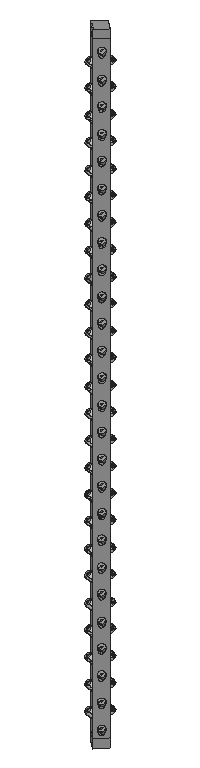
Revit family "Vertical Farm C", category Columns, Revit 2024 (continued)
Automatic sketch dimensions
  Extrusion 93 sketch curve to Extrusion 93 sketch curve = 0' - 0"  (x6)
  Extrusion 94 sketch curve to Extrusion 94 sketch curve = 0' - 0"  (x6)
  Extrusion 95 sketch curve to Extrusion 95 sketch curve = 0' - 0"  (x6)
  Extrusion 96 sketch curve to Extrusion 96 sketch curve = 0' - 0"  (x6)
  Extrusion 97 sketch curve to Extrusion 97 sketch curve = 0' - 0"  (x6)
  Extrusion 98 sketch curve to Extrusion 98 sketch curve = 0' - 0"  (x6)
  Extrusion 99 sketch curve to Extrusion 99 sketch curve = 0' - 0"  (x6)
  Extrusion 100 sketch curve to Extrusion 100 sketch curve = 0' - 0"  (x6)
  Extrusion 101 sketch curve to Extrusion 101 sketch curve = 0' - 0"  (x6)
  Extrusion 102 sketch curve to Extrusion 102 sketch curve = 0' - 0"  (x6)
  Extrusion 103 sketch curve to Extrusion 103 sketch curve = 0' - 0"  (x6)
  Extrusion 104 sketch curve to Extrusion 104 sketch curve = 0' - 0"  (x6)
  Extrusion 105 sketch curve to Extrusion 105 sketch curve = 0' - 0"  (x6)
  Extrusion 106 sketch curve to Extrusion 106 sketch curve = 0' - 0"  (x6)
  Extrusion 107 sketch curve to Extrusion 107 sketch curve = 0' - 0"  (x6)
  Extrusion 108 sketch curve to Extrusion 108 sketch curve = 0' - 0"  (x6)
  Extrusion 109 sketch curve to Extrusion 109 sketch curve = 0' - 0"  (x6)
  Extrusion 110 sketch curve to Extrusion 110 sketch curve = 0' - 0"  (x6)
  Extrusion 111 sketch curve to Extrusion 111 sketch curve = 0' - 0"  (x6)
  Extrusion 112 sketch curve to Extrusion 112 sketch curve = 0' - 0"  (x6)
  Extrusion 113 sketch curve to Extrusion 113 sketch curve = 0' - 0"  (x6)
  Extrusion 114 sketch curve to Extrusion 114 sketch curve = 0' - 0"  (x6)
  Extrusion 115 sketch curve to Extrusion 115 sketch curve = 0' - 0"  (x6)
  Extrusion 116 sketch curve to Extrusion 116 sketch curve = 0' - 0"  (x6)
  Extrusion 117 sketch curve to Extrusion 117 sketch curve = 0' - 0"  (x6)
  Extrusion 118 sketch curve to Extrusion 118 sketch curve = 0' - 0"  (x6)
  Extrusion 119 sketch curve to Extrusion 119 sketch curve = 0' - 0"  (x6)
  Extrusion 120 sketch curve to Extrusion 120 sketch curve = 0' - 0"  (x6)
  Extrusion 121 sketch curve to Extrusion 121 sketch curve = 0' - 0"  (x6)
  Extrusion 122 sketch curve to Extrusion 122 sketch curve = 0' - 0"  (x6)
  Extrusion 123 sketch curve to Extrusion 123 sketch curve = 0' - 0"  (x6)
  Extrusion 124 sketch curve to Extrusion 124 sketch curve = 0' - 0"  (x6)
  Extrusion 125 sketch curve to Extrusion 125 sketch curve = 0' - 0"  (x6)
  Extrusion 126 sketch curve to Extrusion 126 sketch curve = 0' - 0"  (x6)
  Extrusion 127 sketch curve to Extrusion 127 sketch curve = 0' - 0"  (x6)
  Extrusion 128 sketch curve to Extrusion 128 sketch curve = 0' - 0"  (x6)
  Extrusion 129 sketch curve to Extrusion 129 sketch curve = 0' - 0"  (x6)
  Extrusion 130 sketch curve to Extrusion 130 sketch curve = 0' - 0"  (x6)
  Extrusion 131 sketch curve to Extrusion 131 sketch curve = 0' - 0"  (x6)
  Extrusion 132 sketch curve to Extrusion 132 sketch curve = 0' - 0"  (x6)
  Extrusion 133 sketch curve to Extrusion 133 sketch curve = 0' - 0"  (x6)
  Extrusion 134 sketch curve to Extrusion 134 sketch curve = 0' - 0"  (x6)
  Extrusion 135 sketch curve to Extrusion 135 sketch curve = 0' - 0"  (x6)
  Extrusion 136 sketch curve to Extrusion 136 sketch curve = 0' - 0"  (x6)
  Extrusion 137 sketch curve to Extrusion 137 sketch curve = 0' - 0"  (x6)
  Extrusion 138 sketch curve to Extrusion 138 sketch curve = 0' - 0"  (x6)
  Extrusion 139 sketch curve to Extrusion 139 sketch curve = 0' - 0"  (x6)
  Extrusion 140 sketch curve to Extrusion 140 sketch curve = 0' - 0"  (x6)
  Extrusion 141 sketch curve to Extrusion 141 sketch curve = 0' - 0"  (x6)
  Extrusion 142 sketch curve to Extrusion 142 sketch curve = 0' - 0"  (x6)
  Extrusion 143 sketch curve to Extrusion 143 sketch curve = 0' - 0"  (x6)
  Extrusion 144 sketch curve to Extrusion 144 sketch curve = 0' - 0"  (x6)
  Extrusion 145 sketch curve to Extrusion 145 sketch curve = 0' - 0"  (x6)
  Extrusion 146 sketch curve to Extrusion 146 sketch curve = 0' - 0"  (x6)
  Extrusion 147 sketch curve to Extrusion 147 sketch curve = 0' - 0"  (x6)
  Extrusion 148 sketch curve to Extrusion 148 sketch curve = 0' - 0"  (x6)
  Extrusion 149 sketch curve to Extrusion 149 sketch curve = 0' - 0"  (x6)
  Extrusion 150 sketch curve to Extrusion 150 sketch curve = 0' - 0"  (x6)
  Extrusion 151 sketch curve to Extrusion 151 sketch curve = 0' - 0"  (x6)
  Extrusion 152 sketch curve to Extrusion 152 sketch curve = 0' - 0"  (x6)
  Extrusion 153 sketch curve to Extrusion 153 sketch curve = 0' - 0"  (x6)
  Extrusion 154 sketch curve to Extrusion 154 sketch curve = 0' - 0"  (x6)
  Extrusion 155 sketch curve to Extrusion 155 sketch curve = 0' - 0"  (x6)
  Extrusion 156 sketch curve to Extrusion 156 sketch curve = 0' - 0"  (x6)
  Extrusion 157 sketch curve to Extrusion 157 sketch curve = 0' - 0"  (x6)
  Extrusion 158 sketch curve to Extrusion 158 sketch curve = 0' - 0"  (x6)
  Extrusion 159 sketch curve to Extrusion 159 sketch curve = 0' - 0"  (x6)
  Extrusion 160 sketch curve to Extrusion 160 sketch curve = 0' - 0"  (x6)
  Extrusion 161 sketch curve to Extrusion 161 sketch curve = 0' - 0"  (x6)
  Extrusion 162 sketch curve to Extrusion 162 sketch curve = 0' - 0"  (x6)
  Extrusion 163 sketch curve to Extrusion 163 sketch curve = 0' - 0"  (x6)
  Extrusion 164 sketch curve to Extrusion 164 sketch curve = 0' - 0"  (x6)
  Extrusion 165 sketch curve to Extrusion 165 sketch curve = 0' - 0"  (x6)
  Extrusion 166 sketch curve to Extrusion 166 sketch curve = 0' - 0"  (x6)
  Extrusion 167 sketch curve to Extrusion 167 sketch curve = 0' - 0"  (x6)
  Extrusion 168 sketch curve to Extrusion 168 sketch curve = 0' - 0"  (x6)
  Extrusion 169 sketch curve to Extrusion 169 sketch curve = 0' - 0"  (x6)
  Extrusion 170 sketch curve to Extrusion 170 sketch curve = 0' - 0"  (x6)
  Extrusion 171 sketch curve to Extrusion 171 sketch curve = 0' - 0"  (x6)
  Extrusion 172 sketch curve to Extrusion 172 sketch curve = 0' - 0"  (x6)
  Extrusion 173 sketch curve to Extrusion 173 sketch curve = 0' - 0"  (x6)
  Extrusion 174 sketch curve to Extrusion 174 sketch curve = 0' - 0"  (x6)
  Extrusion 175 sketch curve to Extrusion 175 sketch curve = 0' - 0"  (x6)
  Extrusion 176 sketch curve to Extrusion 176 sketch curve = 0' - 0"  (x6)
  Extrusion 177 sketch curve to Extrusion 177 sketch curve = 0' - 0"  (x6)
  Extrusion 178 sketch curve to Extrusion 178 sketch curve = 0' - 0"  (x6)
  Extrusion 179 sketch curve to Extrusion 179 sketch curve = 0' - 0"  (x6)
  Extrusion 180 sketch curve to Extrusion 180 sketch curve = 0' - 0"  (x6)
  Extrusion 181 sketch curve to Extrusion 181 sketch curve = 0' - 0"  (x6)
  Extrusion 182 sketch curve to Extrusion 182 sketch curve = 0' - 0"  (x6)
  Extrusion 183 sketch curve to Extrusion 183 sketch curve = 0' - 0"  (x6)
  Extrusion 184 sketch curve to Extrusion 184 sketch curve = 0' - 0"  (x6)
  Extrusion 185 sketch curve to Extrusion 185 sketch curve = 0' - 0"  (x6)
  Extrusion 186 sketch curve to Extrusion 186 sketch curve = 0' - 0"  (x6)
  Extrusion 187 sketch curve to Extrusion 187 sketch curve = 0' - 0"  (x6)
  Extrusion 188 sketch curve to Extrusion 188 sketch curve = 0' - 0"  (x6)
  Extrusion 189 sketch curve to Extrusion 189 sketch curve = 0' - 0"  (x6)
  Extrusion 190 sketch curve to Extrusion 190 sketch curve = 0' - 0"  (x6)
  Extrusion 191 sketch curve to Extrusion 191 sketch curve = 0' - 0"  (x6)
  Extrusion 192 sketch curve to Extrusion 192 sketch curve = 0' - 0"  (x6)
  Extrusion 193 sketch curve to Extrusion 193 sketch curve = 0' - 0"  (x6)
  Extrusion 194 sketch curve to Extrusion 194 sketch curve = 0' - 0"  (x6)
  Extrusion 195 sketch curve to Extrusion 195 sketch curve = 0' - 0"  (x6)
  Extrusion 196 sketch curve to Extrusion 196 sketch curve = 0' - 0"  (x6)
  Extrusion 197 sketch curve to Extrusion 197 sketch curve = 0' - 0"  (x6)
  Extrusion 198 sketch curve to Extrusion 198 sketch curve = 0' - 0"  (x6)
  Extrusion 199 sketch curve to Extrusion 199 sketch curve = 0' - 0"  (x6)
  Extrusion 200 sketch curve to Extrusion 200 sketch curve = 0' - 0"  (x6)
  Extrusion 201 sketch curve to Extrusion 201 sketch curve = 0' - 0"  (x6)
  Extrusion 202 sketch curve to Extrusion 202 sketch curve = 0' - 0"  (x6)
  Extrusion 203 sketch curve to Extrusion 203 sketch curve = 0' - 0"  (x6)
  Extrusion 204 sketch curve to Extrusion 204 sketch curve = 0' - 0"  (x6)
  Extrusion 205 sketch curve to Extrusion 205 sketch curve = 0' - 0"  (x6)
  Extrusion 206 sketch curve to Extrusion 206 sketch curve = 0' - 0"  (x6)
  Extrusion 207 sketch curve to Extrusion 207 sketch curve = 0' - 0"  (x6)
  Extrusion 208 sketch curve to Extrusion 208 sketch curve = 0' - 0"  (x6)
  Extrusion 209 sketch curve to Extrusion 209 sketch curve = 0' - 0"  (x6)
  Extrusion 210 sketch curve to Extrusion 210 sketch curve = 0' - 0"  (x6)
  Extrusion 211 sketch curve to Extrusion 211 sketch curve = 0' - 0"  (x6)
  Extrusion 212 sketch curve to Extrusion 212 sketch curve = 0' - 0"  (x6)
  Extrusion 213 sketch curve to Extrusion 213 sketch curve = 0' - 0"  (x6)
  Extrusion 214 sketch curve to Extrusion 214 sketch curve = 0' - 0"  (x6)
  Extrusion 215 sketch curve to Extrusion 215 sketch curve = 0' - 0"  (x6)
  Extrusion 216 sketch curve to Extrusion 216 sketch curve = 0' - 0"  (x6)
  Extrusion 217 sketch curve to Extrusion 217 sketch curve = 0' - 0"  (x6)
  Extrusion 218 sketch curve to Extrusion 218 sketch curve = 0' - 0"  (x6)
  Extrusion 219 sketch curve to Extrusion 219 sketch curve = 0' - 0"  (x6)
  Extrusion 220 sketch curve to Extrusion 220 sketch curve = 0' - 0"  (x6)
  Extrusion 221 sketch curve to Extrusion 221 sketch curve = 0' - 0"  (x6)
  Extrusion 222 sketch curve to Extrusion 222 sketch curve = 0' - 0"  (x6)
  Extrusion 223 sketch curve to Extrusion 223 sketch curve = 0' - 0"  (x6)
  Extrusion 224 sketch curve to Extrusion 224 sketch curve = 0' - 0"  (x6)
  Extrusion 225 sketch curve to Extrusion 225 sketch curve = 0' - 0"  (x6)
  Extrusion 226 sketch curve to Extrusion 226 sketch curve = 0' - 0"  (x6)
  Extrusion 227 sketch curve to Extrusion 227 sketch curve = 0' - 0"  (x6)
  Extrusion 228 sketch curve to Extrusion 228 sketch curve = 0' - 0"  (x6)
  Extrusion 229 sketch curve to Extrusion 229 sketch curve = 0' - 0"  (x6)
  Extrusion 230 sketch curve to Extrusion 230 sketch curve = 0' - 0"  (x6)
  Extrusion 231 sketch curve to Extrusion 231 sketch curve = 0' - 0"  (x6)
  Extrusion 232 sketch curve to Extrusion 232 sketch curve = 0' - 0"  (x6)
  Extrusion 233 sketch curve to Extrusion 233 sketch curve = 0' - 0"  (x6)
  Extrusion 234 sketch curve to Extrusion 234 sketch curve = 0' - 0"  (x6)
  Extrusion 235 sketch curve to Extrusion 235 sketch curve = 0' - 0"  (x6)
  Extrusion 236 sketch curve to Extrusion 236 sketch curve = 0' - 0"  (x6)
  Extrusion 237 sketch curve to Extrusion 237 sketch curve = 0' - 0"  (x6)
  Extrusion 238 sketch curve to Extrusion 238 sketch curve = 0' - 0"  (x6)
  Extrusion 239 sketch curve to Extrusion 239 sketch curve = 0' - 0"  (x6)
  Extrusion 240 sketch curve to Extrusion 240 sketch curve = 0' - 0"  (x6)
  Extrusion 241 sketch curve to Extrusion 241 sketch curve = 0' - 0"  (x6)
  Extrusion 242 sketch curve to Extrusion 242 sketch curve = 0' - 0"  (x6)
  Extrusion 243 sketch curve to Extrusion 243 sketch curve = 0' - 0"  (x6)
  Extrusion 244 sketch curve to Extrusion 244 sketch curve = 0' - 0"  (x6)
  Extrusion 245 sketch curve to Extrusion 245 sketch curve = 0' - 0"  (x6)
  Extrusion 246 sketch curve to Extrusion 246 sketch curve = 0' - 0"  (x6)
  Extrusion 247 sketch curve to Extrusion 247 sketch curve = 0' - 0"  (x6)
  Extrusion 248 sketch curve to Extrusion 248 sketch curve = 0' - 0"  (x6)
  Extrusion 249 sketch curve to Extrusion 249 sketch curve = 0' - 0"  (x6)
  Extrusion 250 sketch curve to Extrusion 250 sketch curve = 0' - 0"  (x6)
  Extrusion 251 sketch curve to Extrusion 251 sketch curve = 0' - 0"  (x6)
  Extrusion 252 sketch curve to Extrusion 252 sketch curve = 0' - 0"  (x6)
  Extrusion 253 sketch curve to Extrusion 253 sketch curve = 0' - 0"  (x6)
  Extrusion 254 sketch curve to Extrusion 254 sketch curve = 0' - 0"  (x6)
  Extrusion 255 sketch curve to Extrusion 255 sketch curve = 0' - 0"  (x6)
  Extrusion 256 sketch curve to Extrusion 256 sketch curve = 0' - 0"  (x6)
  Extrusion 257 sketch curve to Extrusion 257 sketch curve = 0' - 0"  (x6)
  Extrusion 258 sketch curve to Extrusion 258 sketch curve = 0' - 0"  (x6)
  Extrusion 259 sketch curve to Extrusion 259 sketch curve = 0' - 0"  (x6)
  Extrusion 260 sketch curve to Extrusion 260 sketch curve = 0' - 0"  (x6)
  Extrusion 261 sketch curve to Extrusion 261 sketch curve = 0' - 0"  (x6)
  Extrusion 262 sketch curve to Extrusion 262 sketch curve = 0' - 0"  (x6)
  Extrusion 263 sketch curve to Extrusion 263 sketch curve = 0' - 0"  (x6)
  Extrusion 264 sketch curve to Extrusion 264 sketch curve = 0' - 0"  (x6)
  Extrusion 265 sketch curve to Extrusion 265 sketch curve = 0' - 0"  (x6)
  Extrusion 266 sketch curve to Extrusion 266 sketch curve = 0' - 0"  (x6)
  Extrusion 267 sketch curve to Extrusion 267 sketch curve = 0' - 0"  (x6)
  Extrusion 268 sketch curve to Extrusion 268 sketch curve = 0' - 0"  (x6)
  Extrusion 269 sketch curve to Extrusion 269 sketch curve = 0' - 0"  (x6)
  Extrusion 270 sketch curve to Extrusion 270 sketch curve = 0' - 0"  (x6)
  Extrusion 271 sketch curve to Extrusion 271 sketch curve = 0' - 0"  (x6)
  Extrusion 272 sketch curve to Extrusion 272 sketch curve = 0' - 0"  (x6)
  Extrusion 273 sketch curve to Extrusion 273 sketch curve = 0' - 0"  (x6)
  Extrusion 274 sketch curve to Extrusion 274 sketch curve = 0' - 0"  (x6)
  Extrusion 275 sketch curve to Extrusion 275 sketch curve = 0' - 0"  (x6)
  Extrusion 276 sketch curve to Extrusion 276 sketch curve = 0' - 0"  (x6)
  Extrusion 277 sketch curve to Extrusion 277 sketch curve = 0' - 0"  (x6)
  Extrusion 278 sketch curve to Extrusion 278 sketch curve = 0' - 0"  (x6)
  Extrusion 279 sketch curve to Extrusion 279 sketch curve = 0' - 0"  (x6)
  Extrusion 280 sketch curve to Extrusion 280 sketch curve = 0' - 0"  (x6)
  Extrusion 281 sketch curve to Extrusion 281 sketch curve = 0' - 0"  (x6)
  Extrusion 282 sketch curve to Extrusion 282 sketch curve = 0' - 0"  (x6)
  Extrusion 283 sketch curve to Extrusion 283 sketch curve = 0' - 0"  (x6)
  Extrusion 284 sketch curve to Extrusion 284 sketch curve = 0' - 0"  (x6)
  Extrusion 285 sketch curve to Extrusion 285 sketch curve = 0' - 0"  (x6)
  Extrusion 286 sketch curve to Extrusion 286 sketch curve = 0' - 0"  (x6)
  Extrusion 287 sketch curve to Extrusion 287 sketch curve = 0' - 0"  (x6)
  Extrusion 288 sketch curve to Extrusion 288 sketch curve = 0' - 0"  (x6)
  Extrusion 289 sketch curve to Extrusion 289 sketch curve = 0' - 0"  (x6)
  Extrusion 290 sketch curve to Extrusion 290 sketch curve = 0' - 0"  (x6)
  Extrusion 291 sketch curve to Extrusion 291 sketch curve = 0' - 0"  (x6)
  Extrusion 292 sketch curve to Extrusion 292 sketch curve = 0' - 0"  (x6)
  Extrusion 293 sketch curve to Extrusion 293 sketch curve = 0' - 0"  (x6)
  Extrusion 294 sketch curve to Extrusion 294 sketch curve = 0' - 0"  (x6)
  Extrusion 295 sketch curve to Extrusion 295 sketch curve = 0' - 0"  (x6)
  Extrusion 296 sketch curve to Extrusion 296 sketch curve = 0' - 0"  (x6)
  Extrusion 297 sketch curve to Extrusion 297 sketch curve = 0' - 0"  (x6)
  Extrusion 298 sketch curve to Extrusion 298 sketch curve = 0' - 0"  (x6)
  Extrusion 299 sketch curve to Extrusion 299 sketch curve = 0' - 0"  (x6)
  Extrusion 300 sketch curve to Extrusion 300 sketch curve = 0' - 0"  (x6)
  Extrusion 301 sketch curve to Extrusion 301 sketch curve = 0' - 0"  (x6)
  Extrusion 302 sketch curve to Extrusion 302 sketch curve = 0' - 0"  (x6)
  Extrusion 303 sketch curve to Extrusion 303 sketch curve = 0' - 0"  (x6)
  Extrusion 304 sketch curve to Extrusion 304 sketch curve = 0' - 0"  (x6)
  Extrusion 305 sketch curve to Extrusion 305 sketch curve = 0' - 0"  (x6)
  Extrusion 306 sketch curve to Extrusion 306 sketch curve = 0' - 0"  (x6)
  Extrusion 307 sketch curve to Extrusion 307 sketch curve = 0' - 0"  (x6)
  Extrusion 308 sketch curve to Extrusion 308 sketch curve = 0' - 0"  (x6)
  Extrusion 309 sketch curve to Extrusion 309 sketch curve = 0' - 0"  (x6)
  Extrusion 310 sketch curve to Extrusion 310 sketch curve = 0' - 0"  (x6)
  Extrusion 311 sketch curve to Extrusion 311 sketch curve = 0' - 0"  (x6)
  Extrusion 312 sketch curve to Extrusion 312 sketch curve = 0' - 0"  (x6)
  Extrusion 313 sketch curve to Extrusion 313 sketch curve = 0' - 0"  (x6)
  Extrusion 314 sketch curve to Extrusion 314 sketch curve = 0' - 0"  (x6)
  Extrusion 315 sketch curve to Extrusion 315 sketch curve = 0' - 0"  (x6)
  Extrusion 316 sketch curve to Extrusion 316 sketch curve = 0' - 0"  (x6)
  Extrusion 317 sketch curve to Extrusion 317 sketch curve = 0' - 0"  (x6)
  Extrusion 318 sketch curve to Extrusion 318 sketch curve = 0' - 0"  (x6)
  Extrusion 319 sketch curve to Extrusion 319 sketch curve = 0' - 0"  (x6)
  Extrusion 320 sketch curve to Extrusion 320 sketch curve = 0' - 0"  (x6)
  Extrusion 321 sketch curve to Extrusion 321 sketch curve = 0' - 0"  (x6)
  Extrusion 322 sketch curve to Extrusion 322 sketch curve = 0' - 0"  (x6)
  Extrusion 323 sketch curve to Extrusion 323 sketch curve = 0' - 0"  (x6)
  Extrusion 324 sketch curve to Extrusion 324 sketch curve = 0' - 0"  (x6)
  Extrusion 325 sketch curve to Extrusion 325 sketch curve = 0' - 0"  (x6)
  Extrusion 326 sketch curve to Extrusion 326 sketch curve = 0' - 0"  (x6)
  Extrusion 327 sketch curve to Extrusion 327 sketch curve = 0' - 0"  (x6)
  Extrusion 328 sketch curve to Extrusion 328 sketch curve = 0' - 0"  (x6)
  Extrusion 329 sketch curve to Extrusion 329 sketch curve = 0' - 0"  (x6)
  Extrusion 330 sketch curve to Extrusion 330 sketch curve = 0' - 0"  (x6)
  Extrusion 331 sketch curve to Extrusion 331 sketch curve = 0' - 0"  (x6)
  Extrusion 332 sketch curve to Extrusion 332 sketch curve = 0' - 0"  (x6)
  Extrusion 333 sketch curve to Extrusion 333 sketch curve = 0' - 0"  (x6)
  Extrusion 334 sketch curve to Extrusion 334 sketch curve = 0' - 0"  (x6)
  Extrusion 335 sketch curve to Extrusion 335 sketch curve = 0' - 0"  (x6)
  Extrusion 336 sketch curve to Extrusion 336 sketch curve = 0' - 0"  (x6)
  Extrusion 337 sketch curve to Extrusion 337 sketch curve = 0' - 0"  (x6)
  Extrusion 338 sketch curve to Extrusion 338 sketch curve = 0' - 0"  (x6)
  Extrusion 339 sketch curve to Extrusion 339 sketch curve = 0' - 0"  (x6)
  Extrusion 340 sketch curve to Extrusion 340 sketch curve = 0' - 0"  (x6)
  Extrusion 341 sketch curve to Extrusion 341 sketch curve = 0' - 0"  (x6)
  Extrusion 342 sketch curve to Extrusion 342 sketch curve = 0' - 0"  (x6)
  Extrusion 343 sketch curve to Extrusion 343 sketch curve = 0' - 0"  (x6)
  Extrusion 344 sketch curve to Extrusion 344 sketch curve = 0' - 0"  (x6)
  Extrusion 345 sketch curve to Extrusion 345 sketch curve = 0' - 0"  (x6)
  Extrusion 346 sketch curve to Extrusion 346 sketch curve = 0' - 0"  (x6)
  Extrusion 347 sketch curve to Extrusion 347 sketch curve = 0' - 0"  (x6)
  Extrusion 348 sketch curve to Extrusion 348 sketch curve = 0' - 0"  (x6)
  Extrusion 349 sketch curve to Extrusion 349 sketch curve = 0' - 0"  (x6)
  Extrusion 350 sketch curve to Extrusion 350 sketch curve = 0' - 0"  (x6)
  Extrusion 351 sketch curve to Extrusion 351 sketch curve = 0' - 0"  (x6)
  Extrusion 352 sketch curve to Extrusion 352 sketch curve = 0' - 0"  (x6)
  Extrusion 353 sketch curve to Extrusion 353 sketch curve = 0' - 0"  (x6)
  Extrusion 354 sketch curve to Extrusion 354 sketch curve = 0' - 0"  (x6)
  Extrusion 355 sketch curve to Extrusion 355 sketch curve = 0' - 0"  (x6)
  Extrusion 356 sketch curve to Extrusion 356 sketch curve = 0' - 0"  (x6)
  Extrusion 357 sketch curve to Extrusion 357 sketch curve = 0' - 0"  (x6)
  Extrusion 358 sketch curve to Extrusion 358 sketch curve = 0' - 0"  (x6)
  Extrusion 359 sketch curve to Extrusion 359 sketch curve = 0' - 0"  (x6)
  Extrusion 360 sketch curve to Extrusion 360 sketch curve = 0' - 0"  (x6)
  Extrusion 361 sketch curve to Extrusion 361 sketch curve = 0' - 0"  (x6)
  Extrusion 362 sketch curve to Extrusion 362 sketch curve = 0' - 0"  (x6)
  Extrusion 363 sketch curve to Extrusion 363 sketch curve = 0' - 0"  (x6)
  Extrusion 364 sketch curve to Extrusion 364 sketch curve = 0' - 0"  (x6)
  Extrusion 365 sketch curve to Extrusion 365 sketch curve = 0' - 0"  (x6)
  Extrusion 366 sketch curve to Extrusion 366 sketch curve = 0' - 0"  (x6)
  Extrusion 367 sketch curve to Extrusion 368 = 0' - 0"  (x5)
  Extrusion 368 sketch curve to Extrusion 368 sketch curve = 0' - 3.53553"  (x3)
  Extrusion 369 sketch curve to Extrusion 369 sketch curve = 0' - 3.53553"  (x3)
  Extrusion 370 sketch curve to Extrusion 370 sketch curve = 0' - 0"  (x2)
  Extrusion 371 sketch curve to Extrusion 371 sketch curve = 0' - 0"  (x2)
  Extrusion 372 sketch curve to Extrusion 372 sketch curve = 0' - 0"  (x2)
  Extrusion 373 sketch curve to Extrusion 373 sketch curve = 0' - 0"  (x2)
  Extrusion 374 sketch curve to Extrusion 374 sketch curve = 0' - 0"  (x2)
  Extrusion 375 sketch curve to Extrusion 375 sketch curve = 0' - 0"  (x2)
  Extrusion 376 sketch curve to Extrusion 376 sketch curve = 0' - 0"  (x2)
  Extrusion 377 sketch curve to Extrusion 377 sketch curve = 0' - 0"  (x2)
  Extrusion 378 sketch curve to Extrusion 378 sketch curve = 0' - 0"  (x2)
  Extrusion 379 sketch curve to Extrusion 379 sketch curve = 0' - 0"  (x2)
  Extrusion 380 sketch curve to Extrusion 380 sketch curve = 0' - 0"  (x2)
  Extrusion 381 sketch curve to Extrusion 381 sketch curve = 0' - 0"  (x2)
  Extrusion 382 sketch curve to Extrusion 382 sketch curve = 0' - 0"  (x2)
  Extrusion 383 sketch curve to Extrusion 383 sketch curve = 0' - 0"  (x2)
  Extrusion 384 sketch curve to Extrusion 384 sketch curve = 0' - 0"  (x2)
  Extrusion 385 sketch curve to Extrusion 385 sketch curve = 0' - 0"  (x2)
  Extrusion 386 sketch curve to Extrusion 386 sketch curve = 0' - 0"  (x2)
  Extrusion 387 sketch curve to Extrusion 387 sketch curve = 0' - 0"  (x2)
  Extrusion 388 sketch curve to Extrusion 388 sketch curve = 0' - 0"  (x2)
  Extrusion 389 sketch curve to Extrusion 389 sketch curve = 0' - 0"  (x2)
  Extrusion 390 sketch curve to Extrusion 390 sketch curve = 0' - 0"  (x2)
  Extrusion 391 sketch curve to Extrusion 391 sketch curve = 0' - 0"  (x2)
  Extrusion 392 sketch curve to Extrusion 392 sketch curve = 0' - 0"  (x2)
  Extrusion 393 sketch curve to Extrusion 393 sketch curve = 0' - 0"  (x2)
  Extrusion 394 sketch curve to Extrusion 394 sketch curve = 0' - 0"  (x2)
  Extrusion 395 sketch curve to Extrusion 395 sketch curve = 0' - 0"  (x2)
  Extrusion 396 sketch curve to Extrusion 396 sketch curve = 0' - 0"  (x2)
  Extrusion 397 sketch curve to Extrusion 397 sketch curve = 0' - 0"  (x2)
  Extrusion 398 sketch curve to Extrusion 398 sketch curve = 0' - 0"  (x2)
  Extrusion 399 sketch curve to Extrusion 399 sketch curve = 0' - 0"  (x2)
  Extrusion 400 sketch curve to Extrusion 400 sketch curve = 0' - 0"  (x2)
  Extrusion 401 sketch curve to Extrusion 401 sketch curve = 0' - 0"  (x2)
  Extrusion 402 sketch curve to Extrusion 402 sketch curve = 0' - 0"  (x2)
  Extrusion 403 sketch curve to Extrusion 403 sketch curve = 0' - 0"  (x2)
  Extrusion 404 sketch curve to Extrusion 404 sketch curve = 0' - 0"  (x2)
  Extrusion 405 sketch curve to Extrusion 405 sketch curve = 0' - 0"  (x2)
  Extrusion 406 sketch curve to Extrusion 406 sketch curve = 0' - 0"  (x2)
  Extrusion 407 sketch curve to Extrusion 407 sketch curve = 0' - 0"  (x2)
  Extrusion 408 sketch curve to Extrusion 408 sketch curve = 0' - 0"  (x2)
  Extrusion 409 sketch curve to Extrusion 409 sketch curve = 0' - 0"  (x2)
  Extrusion 410 sketch curve to Extrusion 410 sketch curve = 0' - 0"  (x2)
  Extrusion 411 sketch curve to Extrusion 411 sketch curve = 0' - 0"  (x2)
  Extrusion 412 sketch curve to Extrusion 412 sketch curve = 0' - 0"  (x2)
  Extrusion 413 sketch curve to Extrusion 413 sketch curve = 0' - 0"  (x2)
  Extrusion 414 sketch curve to Extrusion 414 sketch curve = 0' - 0"  (x2)
  Extrusion 415 sketch curve to Extrusion 415 sketch curve = 0' - 0"  (x2)
  Extrusion 416 sketch curve to Extrusion 416 sketch curve = 0' - 0"  (x2)
  Extrusion 417 sketch curve to Extrusion 417 sketch curve = 0' - 0"  (x2)
  Extrusion 418 sketch curve to Extrusion 418 sketch curve = 0' - 0"  (x2)
  Extrusion 419 sketch curve to Extrusion 419 sketch curve = 0' - 0"  (x2)
  Extrusion 420 sketch curve to Extrusion 420 sketch curve = 0' - 0"  (x2)
  Extrusion 421 sketch curve to Extrusion 421 sketch curve = 0' - 0"  (x2)
  Extrusion 422 sketch curve to Extrusion 422 sketch curve = 0' - 0"  (x2)
  Extrusion 423 sketch curve to Extrusion 423 sketch curve = 0' - 0"  (x2)
  Extrusion 424 sketch curve to Extrusion 424 sketch curve = 0' - 0"  (x2)
  Extrusion 425 sketch curve to Extrusion 425 sketch curve = 0' - 0"  (x2)
  Extrusion 426 sketch curve to Extrusion 426 sketch curve = 0' - 0"  (x2)
  Extrusion 427 sketch curve to Extrusion 427 sketch curve = 0' - 0"  (x2)
  Extrusion 428 sketch curve to Extrusion 428 sketch curve = 0' - 0"  (x2)
  Extrusion 429 sketch curve to Extrusion 429 sketch curve = 0' - 0"  (x2)
  Extrusion 430 sketch curve to Extrusion 430 sketch curve = 0' - 0"  (x2)
  Extrusion 431 sketch curve to Extrusion 431 sketch curve = 0' - 0"  (x2)
  Extrusion 432 sketch curve to Extrusion 432 sketch curve = 0' - 0"  (x2)
  Extrusion 433 sketch curve to Extrusion 433 sketch curve = 0' - 0"  (x2)
  Extrusion 434 sketch curve to Extrusion 434 sketch curve = 0' - 0"  (x2)
  Extrusion 435 sketch curve to Extrusion 435 sketch curve = 0' - 0"  (x2)
  Extrusion 436 sketch curve to Extrusion 436 sketch curve = 0' - 0"  (x2)
  Extrusion 437 sketch curve to Extrusion 437 sketch curve = 0' - 0"  (x2)
  Extrusion 438 sketch curve to Extrusion 438 sketch curve = 0' - 0"  (x2)
  Extrusion 439 sketch curve to Extrusion 439 sketch curve = 0' - 0"  (x2)
  Extrusion 440 sketch curve to Extrusion 440 sketch curve = 0' - 0"  (x2)
  Extrusion 441 sketch curve to Extrusion 441 sketch curve = 0' - 0"  (x2)
  Extrusion 442 sketch curve to Extrusion 442 sketch curve = 0' - 0"  (x2)
  Extrusion 443 sketch curve to Extrusion 443 sketch curve = 0' - 0"  (x2)
  Extrusion 444 sketch curve to Extrusion 444 sketch curve = 0' - 0"  (x2)
  Extrusion 445 sketch curve to Extrusion 445 sketch curve = 0' - 0"  (x2)
  Extrusion 446 sketch curve to Extrusion 446 sketch curve = 0' - 0"  (x2)
  Extrusion 447 sketch curve to Extrusion 447 sketch curve = 0' - 0"  (x2)
  Extrusion 448 sketch curve to Extrusion 448 sketch curve = 0' - 0"  (x2)
  Extrusion 449 sketch curve to Extrusion 449 sketch curve = 0' - 0"  (x2)
  Extrusion 450 sketch curve to Extrusion 450 sketch curve = 0' - 0"  (x2)
  Extrusion 451 sketch curve to Extrusion 451 sketch curve = 0' - 0"  (x2)
  Extrusion 452 sketch curve to Extrusion 452 sketch curve = 0' - 0"  (x2)
  Extrusion 453 sketch curve to Extrusion 453 sketch curve = 0' - 0"  (x2)
  Extrusion 454 sketch curve to Extrusion 454 sketch curve = 0' - 0"  (x2)
  Extrusion 455 sketch curve to Extrusion 455 sketch curve = 0' - 0"  (x2)
  Extrusion 456 sketch curve to Extrusion 456 sketch curve = 0' - 0"  (x2)
  Extrusion 457 sketch curve to Extrusion 457 sketch curve = 0' - 0"  (x2)
  Extrusion 458 sketch curve to Extrusion 458 sketch curve = 0' - 0"  (x2)
  Extrusion 459 sketch curve to Extrusion 459 sketch curve = 0' - 0"  (x2)
  Extrusion 460 sketch curve to Extrusion 460 sketch curve = 0' - 0"  (x2)
  Extrusion 461 sketch curve to Extrusion 461 sketch curve = 0' - 0"  (x2)
  Extrusion 462 sketch curve to Extrusion 462 sketch curve = 0' - 0"  (x2)
  Extrusion 463 sketch curve to Extrusion 463 sketch curve = 0' - 0"  (x2)
  Extrusion 464 sketch curve to Extrusion 464 sketch curve = 0' - 0"  (x2)
  Extrusion 465 sketch curve to Extrusion 465 sketch curve = 0' - 0"  (x2)
  Extrusion 466 sketch curve to Extrusion 466 sketch curve = 0' - 0"  (x2)
  Extrusion 467 sketch curve to Extrusion 467 sketch curve = 0' - 0"  (x2)
  Extrusion 468 sketch curve to Extrusion 468 sketch curve = 0' - 0"  (x2)
  Extrusion 469 sketch curve to Extrusion 469 sketch curve = 0' - 0"  (x2)
  Extrusion 470 sketch curve to Extrusion 470 sketch curve = 0' - 0"  (x2)
  Extrusion 471 sketch curve to Extrusion 471 sketch curve = 0' - 0"  (x2)
  Extrusion 472 sketch curve to Extrusion 472 sketch curve = 0' - 0"  (x2)
  Extrusion 473 sketch curve to Extrusion 473 sketch curve = 0' - 0"  (x2)
  Extrusion 474 sketch curve to Extrusion 474 sketch curve = 0' - 0"  (x2)
  Extrusion 475 sketch curve to Extrusion 475 sketch curve = 0' - 0"  (x2)
  Extrusion 476 sketch curve to Extrusion 476 sketch curve = 0' - 0"  (x2)
  Extrusion 477 sketch curve to Extrusion 477 sketch curve = 0' - 0"  (x2)
  Extrusion 478 sketch curve to Extrusion 478 sketch curve = 0' - 0"  (x2)
  Extrusion 479 sketch curve to Extrusion 479 sketch curve = 0' - 0"  (x2)
  Extrusion 480 sketch curve to Extrusion 480 sketch curve = 0' - 0"  (x2)
  Extrusion 481 sketch curve to Extrusion 481 sketch curve = 0' - 0"  (x2)
  Extrusion 482 sketch curve to Extrusion 482 sketch curve = 0' - 0"  (x2)
  Extrusion 483 sketch curve to Extrusion 483 sketch curve = 0' - 0"  (x2)
  Extrusion 484 sketch curve to Extrusion 484 sketch curve = 0' - 0"  (x2)
  Extrusion 485 sketch curve to Extrusion 485 sketch curve = 0' - 0"  (x2)
  Extrusion 486 sketch curve to Extrusion 486 sketch curve = 0' - 0"  (x2)
  Extrusion 487 sketch curve to Extrusion 487 sketch curve = 0' - 0"  (x2)
  Extrusion 488 sketch curve to Extrusion 488 sketch curve = 0' - 0"  (x2)
  Extrusion 489 sketch curve to Extrusion 489 sketch curve = 0' - 0"  (x2)
  Extrusion 490 sketch curve to Extrusion 490 sketch curve = 0' - 0"  (x2)
  Extrusion 491 sketch curve to Extrusion 491 sketch curve = 0' - 0"  (x2)
  Extrusion 492 sketch curve to Extrusion 492 sketch curve = 0' - 0"  (x2)
  Extrusion 493 sketch curve to Extrusion 493 sketch curve = 0' - 0"  (x2)
  Extrusion 494 sketch curve to Extrusion 494 sketch curve = 0' - 0"  (x2)
  Extrusion 495 sketch curve to Extrusion 495 sketch curve = 0' - 0"  (x2)
  Extrusion 496 sketch curve to Extrusion 496 sketch curve = 0' - 0"  (x2)
  Extrusion 497 sketch curve to Extrusion 497 sketch curve = 0' - 0"  (x2)
  Extrusion 498 sketch curve to Extrusion 498 sketch curve = 0' - 0"  (x2)
  Extrusion 499 sketch curve to Extrusion 499 sketch curve = 0' - 0"  (x2)
  Extrusion 500 sketch curve to Extrusion 500 sketch curve = 0' - 0"  (x2)
  Extrusion 501 sketch curve to Extrusion 501 sketch curve = 0' - 0"  (x2)
  Extrusion 502 sketch curve to Extrusion 502 sketch curve = 0' - 0"  (x2)
  Extrusion 503 sketch curve to Extrusion 503 sketch curve = 0' - 0"  (x2)
  Extrusion 504 sketch curve to Extrusion 504 sketch curve = 0' - 0"  (x2)
  Extrusion 505 sketch curve to Extrusion 505 sketch curve = 0' - 0"  (x2)
  Extrusion 506 sketch curve to Extrusion 506 sketch curve = 0' - 0"  (x2)
  Extrusion 507 sketch curve to Extrusion 507 sketch curve = 0' - 0"  (x2)
  Extrusion 508 sketch curve to Extrusion 508 sketch curve = 0' - 0"  (x2)
  Extrusion 509 sketch curve to Extrusion 509 sketch curve = 0' - 0"  (x2)
  Extrusion 510 sketch curve to Extrusion 510 sketch curve = 0' - 0"  (x2)
  Extrusion 511 sketch curve to Extrusion 511 sketch curve = 0' - 0"  (x2)
  Extrusion 512 sketch curve to Extrusion 512 sketch curve = 0' - 0"  (x2)
  Extrusion 513 sketch curve to Extrusion 513 sketch curve = 0' - 0"  (x2)
  Extrusion 514 sketch curve to Extrusion 514 sketch curve = 0' - 0"  (x2)
  Extrusion 515 sketch curve to Extrusion 515 sketch curve = 0' - 0"  (x2)
  Extrusion 516 sketch curve to Extrusion 516 sketch curve = 0' - 0"  (x2)
  Extrusion 517 sketch curve to Extrusion 517 sketch curve = 0' - 0"  (x2)
  Extrusion 518 sketch curve to Extrusion 518 sketch curve = 0' - 0"  (x2)
  Extrusion 519 sketch curve to Extrusion 519 sketch curve = 0' - 0"  (x2)
  Extrusion 520 sketch curve to Extrusion 520 sketch curve = 0' - 0"  (x2)
  Extrusion 521 sketch curve to Extrusion 521 sketch curve = 0' - 0"  (x2)
  Extrusion 522 sketch curve to Extrusion 522 sketch curve = 0' - 0"  (x2)
  Extrusion 523 sketch curve to Extrusion 523 sketch curve = 0' - 0"  (x2)
  Extrusion 524 sketch curve to Extrusion 524 sketch curve = 0' - 0"  (x2)
  Extrusion 525 sketch curve to Extrusion 525 sketch curve = 0' - 0"  (x2)
  Extrusion 526 sketch curve to Extrusion 526 sketch curve = 0' - 0"  (x2)
  Extrusion 527 sketch curve to Extrusion 527 sketch curve = 0' - 0"  (x2)
  Extrusion 528 sketch curve to Extrusion 528 sketch curve = 0' - 0"  (x2)
  Extrusion 529 sketch curve to Extrusion 529 sketch curve = 0' - 0"  (x2)
  Extrusion 530 sketch curve to Extrusion 530 sketch curve = 0' - 0"  (x2)
  Extrusion 531 sketch curve to Extrusion 531 sketch curve = 0' - 0"  (x2)
  Extrusion 532 sketch curve to Extrusion 532 sketch curve = 0' - 0"  (x2)
  Extrusion 533 sketch curve to Extrusion 533 sketch curve = 0' - 0"  (x2)
  Extrusion 534 sketch curve to Extrusion 534 sketch curve = 0' - 0"  (x2)
  Extrusion 535 sketch curve to Extrusion 535 sketch curve = 0' - 0"  (x2)
  Extrusion 536 sketch curve to Extrusion 536 sketch curve = 0' - 0"  (x2)
  Extrusion 537 sketch curve to Extrusion 537 sketch curve = 0' - 0"  (x2)
  Extrusion 538 sketch curve to Extrusion 538 sketch curve = 0' - 0"  (x2)
  Extrusion 539 sketch curve to Extrusion 539 sketch curve = 0' - 0"  (x2)
  Extrusion 540 sketch curve to Extrusion 540 sketch curve = 0' - 0"  (x2)
  Extrusion 541 sketch curve to Extrusion 541 sketch curve = 0' - 0"  (x2)
  Extrusion 542 sketch curve to Extrusion 542 sketch curve = 0' - 0"  (x2)
  Extrusion 543 sketch curve to Extrusion 543 sketch curve = 0' - 0"  (x2)
  Extrusion 544 sketch curve to Extrusion 544 sketch curve = 0' - 0"  (x2)
  Extrusion 545 sketch curve to Extrusion 545 sketch curve = 0' - 0"  (x2)
  Extrusion 546 sketch curve to Extrusion 546 sketch curve = 0' - 0"  (x2)
  Extrusion 547 sketch curve to Extrusion 547 sketch curve = 0' - 0"  (x2)
  Extrusion 548 sketch curve to Extrusion 548 sketch curve = 0' - 0"  (x2)
  Extrusion 549 sketch curve to Extrusion 549 sketch curve = 0' - 0"  (x2)
  Extrusion 550 sketch curve to Extrusion 550 sketch curve = 0' - 0"  (x2)
  Extrusion 551 sketch curve to Extrusion 551 sketch curve = 0' - 0"  (x2)
  Extrusion 552 sketch curve to Extrusion 552 sketch curve = 0' - 0"  (x2)
  Extrusion 553 sketch curve to Extrusion 553 sketch curve = 0' - 0"  (x2)
  Extrusion 554 sketch curve to Extrusion 554 sketch curve = 0' - 0"  (x2)
  Extrusion 555 sketch curve to Extrusion 555 sketch curve = 0' - 0"  (x2)
  Extrusion 556 sketch curve to Extrusion 556 sketch curve = 0' - 0"  (x2)
  Extrusion 557 sketch curve to Extrusion 557 sketch curve = 0' - 0"  (x2)
  Extrusion 558 sketch curve to Extrusion 558 sketch curve = 0' - 0"  (x2)
  Extrusion 559 sketch curve to Extrusion 559 sketch curve = 0' - 0"  (x2)
  Extrusion 560 sketch curve to Extrusion 560 sketch curve = 0' - 0"  (x2)
  Extrusion 561 sketch curve to Extrusion 561 sketch curve = 0' - 0"  (x2)
  Extrusion 562 sketch curve to Extrusion 562 sketch curve = 0' - 0"  (x2)
  Extrusion 563 sketch curve to Extrusion 563 sketch curve = 0' - 0"  (x2)
  Extrusion 564 sketch curve to Extrusion 564 sketch curve = 0' - 0"  (x2)
  Extrusion 565 sketch curve to Extrusion 565 sketch curve = 0' - 0"  (x2)
  Extrusion 566 sketch curve to Extrusion 566 sketch curve = 0' - 0"  (x2)
  Extrusion 567 sketch curve to Extrusion 567 sketch curve = 0' - 0"  (x2)
  Extrusion 568 sketch curve to Extrusion 568 sketch curve = 0' - 0"  (x2)
  Extrusion 569 sketch curve to Extrusion 569 sketch curve = 0' - 0"  (x2)
  Extrusion 570 sketch curve to Extrusion 570 sketch curve = 0' - 0"  (x2)
  Extrusion 571 sketch curve to Extrusion 571 sketch curve = 0' - 0"  (x2)
  Extrusion 572 sketch curve to Extrusion 572 sketch curve = 0' - 0"  (x2)
  Extrusion 573 sketch curve to Extrusion 573 sketch curve = 0' - 0"  (x2)
  Extrusion 574 sketch curve to Extrusion 574 sketch curve = 0' - 0"  (x2)
  Extrusion 575 sketch curve to Extrusion 575 sketch curve = 0' - 0"  (x2)
  Extrusion 576 sketch curve to Extrusion 576 sketch curve = 0' - 0"  (x2)
  Extrusion 577 sketch curve to Extrusion 577 sketch curve = 0' - 0"  (x2)
  Extrusion 578 sketch curve to Extrusion 578 sketch curve = 0' - 0"  (x2)
  Extrusion 579 sketch curve to Extrusion 579 sketch curve = 0' - 0"  (x2)
  Extrusion 580 sketch curve to Extrusion 580 sketch curve = 0' - 0"  (x2)
  Extrusion 581 sketch curve to Extrusion 581 sketch curve = 0' - 0"  (x2)
  Extrusion 582 sketch curve to Extrusion 582 sketch curve = 0' - 0"  (x2)
  Extrusion 583 sketch curve to Extrusion 583 sketch curve = 0' - 0"  (x2)
  Extrusion 584 sketch curve to Extrusion 584 sketch curve = 0' - 0"  (x2)
  Extrusion 585 sketch curve to Extrusion 585 sketch curve = 0' - 0"  (x2)
  Extrusion 586 sketch curve to Extrusion 586 sketch curve = 0' - 0"  (x2)
  Extrusion 587 sketch curve to Extrusion 587 sketch curve = 0' - 0"  (x2)
  Extrusion 588 sketch curve to Extrusion 588 sketch curve = 0' - 0"  (x2)
  Extrusion 589 sketch curve to Extrusion 589 sketch curve = 0' - 0"  (x2)
  Extrusion 590 sketch curve to Extrusion 590 sketch curve = 0' - 0"  (x2)
  Extrusion 591 sketch curve to Extrusion 591 sketch curve = 0' - 0"  (x2)
  Extrusion 592 sketch curve to Extrusion 592 sketch curve = 0' - 0"  (x2)
  Extrusion 593 sketch curve to Extrusion 593 sketch curve = 0' - 0"  (x2)
  Extrusion 594 sketch curve to Extrusion 594 sketch curve = 0' - 0"  (x2)
  Extrusion 595 sketch curve to Extrusion 595 sketch curve = 0' - 0"  (x2)
  Extrusion 596 sketch curve to Extrusion 596 sketch curve = 0' - 0"  (x2)
  Extrusion 597 sketch curve to Extrusion 597 sketch curve = 0' - 0"  (x2)
  Extrusion 598 sketch curve to Extrusion 598 sketch curve = 0' - 0"  (x2)
  Extrusion 599 sketch curve to Extrusion 599 sketch curve = 0' - 0"  (x2)
  Extrusion 600 sketch curve to Extrusion 600 sketch curve = 0' - 0"  (x2)
  Extrusion 601 sketch curve to Extrusion 601 sketch curve = 0' - 0"  (x2)
  Extrusion 602 sketch curve to Extrusion 602 sketch curve = 0' - 0"  (x2)
  Extrusion 603 sketch curve to Extrusion 603 sketch curve = 0' - 0"  (x2)
  Extrusion 604 sketch curve to Extrusion 604 sketch curve = 0' - 0"  (x2)
  Extrusion 605 sketch curve to Extrusion 605 sketch curve = 0' - 0"  (x2)
  Extrusion 606 sketch curve to Extrusion 606 sketch curve = 0' - 0"  (x2)
  Extrusion 607 sketch curve to Extrusion 607 sketch curve = 0' - 0"  (x2)
  Extrusion 608 sketch curve to Extrusion 608 sketch curve = 0' - 0"  (x2)
  Extrusion 609 sketch curve to Extrusion 609 sketch curve = 0' - 0"  (x2)
  Extrusion 610 sketch curve to Extrusion 610 sketch curve = 0' - 0"  (x2)
  Extrusion 611 sketch curve to Extrusion 611 sketch curve = 0' - 0"  (x2)
  Extrusion 612 sketch curve to Extrusion 612 sketch curve = 0' - 0"  (x2)
  Extrusion 613 sketch curve to Extrusion 613 sketch curve = 0' - 0"  (x2)
  Extrusion 614 sketch curve to Extrusion 614 sketch curve = 0' - 0"  (x2)
  Extrusion 615 sketch curve to Extrusion 615 sketch curve = 0' - 0"  (x2)
  Extrusion 616 sketch curve to Extrusion 616 sketch curve = 0' - 0"  (x2)
  Extrusion 617 sketch curve to Extrusion 617 sketch curve = 0' - 0"  (x2)
  Extrusion 618 sketch curve to Extrusion 618 sketch curve = 0' - 0"  (x2)
  Extrusion 619 sketch curve to Extrusion 619 sketch curve = 0' - 0"  (x2)
  Extrusion 620 sketch curve to Extrusion 620 sketch curve = 0' - 0"  (x2)
  Extrusion 621 sketch curve to Extrusion 621 sketch curve = 0' - 0"  (x2)
  Extrusion 622 sketch curve to Extrusion 622 sketch curve = 0' - 0"  (x2)
  Extrusion 623 sketch curve to Extrusion 623 sketch curve = 0' - 0"  (x2)
  Extrusion 624 sketch curve to Extrusion 624 sketch curve = 0' - 0"  (x2)
  Extrusion 625 sketch curve to Extrusion 625 sketch curve = 0' - 0"  (x2)
  Extrusion 626 sketch curve to Extrusion 626 sketch curve = 0' - 0"  (x2)
  Extrusion 627 sketch curve to Extrusion 627 sketch curve = 0' - 0"  (x2)
  Extrusion 628 sketch curve to Extrusion 628 sketch curve = 0' - 0"  (x2)
  Extrusion 629 sketch curve to Extrusion 629 sketch curve = 0' - 0"  (x2)
  Extrusion 630 sketch curve to Extrusion 630 sketch curve = 0' - 0"  (x2)
  Extrusion 631 sketch curve to Extrusion 631 sketch curve = 0' - 0"  (x2)
  Extrusion 632 sketch curve to Extrusion 632 sketch curve = 0' - 0"  (x2)
  Extrusion 633 sketch curve to Extrusion 633 sketch curve = 0' - 0"  (x2)
  Extrusion 634 sketch curve to Extrusion 634 sketch curve = 0' - 0"  (x2)
  Extrusion 635 sketch curve to Extrusion 635 sketch curve = 0' - 0"  (x2)
  Extrusion 636 sketch curve to Extrusion 636 sketch curve = 0' - 0"  (x2)
  Extrusion 637 sketch curve to Extrusion 637 sketch curve = 0' - 0"  (x2)
  Extrusion 638 sketch curve to Extrusion 638 sketch curve = 0' - 0"  (x2)
  Extrusion 639 sketch curve to Extrusion 639 sketch curve = 0' - 0"  (x2)
  Extrusion 640 sketch curve to Extrusion 640 sketch curve = 0' - 0"  (x2)
  Extrusion 641 sketch curve to Extrusion 641 sketch curve = 0' - 0"  (x2)
  Extrusion 642 sketch curve to Extrusion 642 sketch curve = 0' - 0"  (x2)
  Extrusion 643 sketch curve to Extrusion 643 sketch curve = 0' - 0"  (x2)
  Extrusion 644 sketch curve to Extrusion 644 sketch curve = 0' - 0"  (x2)
  Extrusion 645 sketch curve to Extrusion 645 sketch curve = 0' - 0"  (x2)
  Extrusion 646 sketch curve to Extrusion 646 sketch curve = 0' - 0"  (x2)
  Extrusion 647 sketch curve to Extrusion 647 sketch curve = 0' - 0"  (x2)
  Extrusion 648 sketch curve to Extrusion 648 sketch curve = 0' - 0"  (x2)
  Extrusion 649 sketch curve to Extrusion 649 sketch curve = 0' - 0"  (x2)
  Extrusion 650 sketch curve to Extrusion 650 sketch curve = 0' - 0"  (x2)
  Extrusion 651 sketch curve to Extrusion 651 sketch curve = 0' - 0"  (x2)
  Extrusion 652 sketch curve to Extrusion 652 sketch curve = 0' - 0"  (x2)
  Extrusion 653 sketch curve to Extrusion 653 sketch curve = 0' - 0"  (x2)
  Extrusion 654 sketch curve to Extrusion 654 sketch curve = 0' - 0"  (x2)
  Extrusion 655 sketch curve to Extrusion 655 sketch curve = 0' - 0"  (x2)
  Extrusion 656 sketch curve to Extrusion 656 sketch curve = 0' - 0"  (x2)
  Extrusion 657 sketch curve to Extrusion 657 sketch curve = 0' - 0"  (x2)
  Extrusion 658 sketch curve to Extrusion 658 sketch curve = 0' - 0"  (x2)
  Extrusion 659 sketch curve to Extrusion 659 sketch curve = 0' - 0"  (x2)
  Extrusion 660 sketch curve to Extrusion 660 sketch curve = 0' - 0"  (x2)
  Extrusion 661 sketch curve to Extrusion 661 sketch curve = 0' - 0"  (x2)
  Extrusion 662 sketch curve to Extrusion 662 sketch curve = 0' - 0"  (x2)
  Extrusion 663 sketch curve to Extrusion 663 sketch curve = 0' - 0"  (x2)
  Extrusion 664 sketch curve to Extrusion 664 sketch curve = 0' - 0"  (x2)
  Extrusion 665 sketch curve to Extrusion 665 sketch curve = 0' - 0"  (x2)
  Extrusion 666 sketch curve to Extrusion 666 sketch curve = 0' - 0"  (x2)
  Extrusion 667 sketch curve to Extrusion 667 sketch curve = 0' - 0"  (x2)
  Extrusion 668 sketch curve to Extrusion 668 sketch curve = 0' - 0"  (x2)
  Extrusion 669 sketch curve to Extrusion 669 sketch curve = 0' - 0"  (x2)
  Extrusion 670 sketch curve to Extrusion 670 sketch curve = 0' - 0"  (x2)
  Extrusion 671 sketch curve to Extrusion 671 sketch curve = 0' - 0"  (x2)
  Extrusion 672 sketch curve to Extrusion 672 sketch curve = 0' - 0"  (x2)
  Extrusion 673 sketch curve to Extrusion 673 sketch curve = 0' - 0"  (x2)
  Extrusion 674 sketch curve to Extrusion 674 sketch curve = 0' - 0"  (x2)
  Extrusion 675 sketch curve to Extrusion 675 sketch curve = 0' - 0"  (x2)
  Extrusion 676 sketch curve to Extrusion 676 sketch curve = 0' - 0"  (x2)
  Extrusion 677 sketch curve to Extrusion 677 sketch curve = 0' - 0"  (x2)
  Extrusion 678 sketch curve to Extrusion 678 sketch curve = 0' - 0"  (x2)
  Extrusion 679 sketch curve to Extrusion 679 sketch curve = 0' - 0"  (x2)
  Extrusion 680 sketch curve to Extrusion 680 sketch curve = 0' - 0"  (x2)
  Extrusion 681 sketch curve to Extrusion 681 sketch curve = 0' - 0"  (x2)
  Extrusion 682 sketch curve to Extrusion 682 sketch curve = 0' - 0"  (x2)
  Extrusion 683 sketch curve to Extrusion 683 sketch curve = 0' - 0"  (x2)
  Extrusion 684 sketch curve to Extrusion 684 sketch curve = 0' - 0"  (x2)
  Extrusion 685 sketch curve to Extrusion 685 sketch curve = 0' - 0"  (x2)
  Extrusion 686 sketch curve to Extrusion 686 sketch curve = 0' - 0"  (x2)
  Extrusion 687 sketch curve to Extrusion 687 sketch curve = 0' - 0"  (x2)
  Extrusion 688 sketch curve to Extrusion 688 sketch curve = 0' - 0"  (x2)
  Extrusion 689 sketch curve to Extrusion 689 sketch curve = 0' - 0"  (x2)
  Extrusion 690 sketch curve to Extrusion 690 sketch curve = 0' - 0"  (x2)
  Extrusion 691 sketch curve to Extrusion 691 sketch curve = 0' - 0"  (x2)
  Extrusion 692 sketch curve to Extrusion 692 sketch curve = 0' - 0"  (x2)
  Extrusion 693 sketch curve to Extrusion 693 sketch curve = 0' - 0"  (x2)
  Extrusion 694 sketch curve to Extrusion 694 sketch curve = 0' - 0"  (x2)
  Extrusion 695 sketch curve to Extrusion 695 sketch curve = 0' - 0"  (x2)
  Extrusion 696 sketch curve to Extrusion 696 sketch curve = 0' - 0"  (x2)
  Extrusion 697 sketch curve to Extrusion 697 sketch curve = 0' - 0"  (x2)
  Extrusion 698 sketch curve to Extrusion 698 sketch curve = 0' - 0"  (x2)
  Extrusion 699 sketch curve to Extrusion 699 sketch curve = 0' - 0"  (x2)
  Extrusion 700 sketch curve to Extrusion 700 sketch curve = 0' - 0"  (x2)
  Extrusion 701 sketch curve to Extrusion 701 sketch curve = 0' - 0"  (x2)
  Extrusion 702 sketch curve to Extrusion 702 sketch curve = 0' - 0"  (x2)
  radius of Extrusion 1 sketch curve = 0' - 1"
  radius of Extrusion 2 sketch curve = 0' - 1 1/8"
  radius of Extrusion 1 sketch curve = 0' - 0 5/16"
  radius of Extrusion 2 sketch curve = 0' - 1"
  radius of Extrusion 19 sketch curve = 0' - 1"
  radius of Extrusion 20 sketch curve = 0' - 1 1/8"
  radius of Extrusion 25 sketch curve = 0' - 0 5/16"
  radius of Extrusion 26 sketch curve = 0' - 1"
  radius of Extrusion 4 sketch curve = 0' - 1"
  radius of Extrusion 5 sketch curve = 0' - 1 1/8"
  radius of Extrusion 7 sketch curve = 0' - 1"
  radius of Extrusion 8 sketch curve = 0' - 1 1/8"
  radius of Extrusion 10 sketch curve = 0' - 1"
  radius of Extrusion 11 sketch curve = 0' - 1 1/8"
  radius of Extrusion 13 sketch curve = 0' - 1"
  radius of Extrusion 14 sketch curve = 0' - 1 1/8"
  radius of Extrusion 16 sketch curve = 0' - 1"
  radius of Extrusion 17 sketch curve = 0' - 1 1/8"
  radius of Extrusion 22 sketch curve = 0' - 1"
  radius of Extrusion 23 sketch curve = 0' - 1 1/8"
  radius of Extrusion 25 sketch curve = 0' - 1"
  radius of Extrusion 26 sketch curve = 0' - 1 1/8"
  radius of Extrusion 28 sketch curve = 0' - 1"
  radius of Extrusion 29 sketch curve = 0' - 1 1/8"
  radius of Extrusion 4 sketch curve = 0' - 0 5/16"
  radius of Extrusion 5 sketch curve = 0' - 1"
  radius of Extrusion 7 sketch curve = 0' - 0 5/16"
  radius of Extrusion 8 sketch curve = 0' - 1"
  radius of Extrusion 10 sketch curve = 0' - 0 5/16"
  radius of Extrusion 11 sketch curve = 0' - 1"
  radius of Extrusion 13 sketch curve = 0' - 0 5/16"
  radius of Extrusion 14 sketch curve = 0' - 1"
  radius of Extrusion 16 sketch curve = 0' - 0 5/16"
  radius of Extrusion 17 sketch curve = 0' - 1"
  radius of Extrusion 19 sketch curve = 0' - 0 5/16"
  radius of Extrusion 20 sketch curve = 0' - 1"
  radius of Extrusion 22 sketch curve = 0' - 0 5/16"
  radius of Extrusion 23 sketch curve = 0' - 1"
  radius of Extrusion 28 sketch curve = 0' - 0 5/16"
  radius of Extrusion 29 sketch curve = 0' - 1"
  radius of Extrusion 3 sketch curve = 0' - 1 1/8"
  radius of Extrusion 3 sketch curve = 0' - 1 3/32"
  radius of Extrusion 6 sketch curve = 0' - 1 1/8"
  radius of Extrusion 6 sketch curve = 0' - 1 3/32"
  radius of Extrusion 9 sketch curve = 0' - 1 1/8"
  radius of Extrusion 9 sketch curve = 0' - 1 3/32"
  radius of Extrusion 12 sketch curve = 0' - 1 1/8"
  radius of Extrusion 12 sketch curve = 0' - 1 3/32"
  radius of Extrusion 15 sketch curve = 0' - 1 1/8"
  radius of Extrusion 15 sketch curve = 0' - 1 3/32"
  radius of Extrusion 18 sketch curve = 0' - 1 1/8"
  radius of Extrusion 18 sketch curve = 0' - 1 3/32"
  radius of Extrusion 21 sketch curve = 0' - 1 1/8"
  radius of Extrusion 21 sketch curve = 0' - 1 3/32"
  radius of Extrusion 24 sketch curve = 0' - 1 1/8"
  radius of Extrusion 24 sketch curve = 0' - 1 3/32"
  radius of Extrusion 27 sketch curve = 0' - 1 1/8"
  radius of Extrusion 27 sketch curve = 0' - 1 3/32"
  radius of Extrusion 30 sketch curve = 0' - 1 1/8"
  radius of Extrusion 30 sketch curve = 0' - 1 3/32"
  radius of Extrusion 34 sketch curve = 0' - 0 5/16"  (x2)
  radius of Extrusion 34 sketch curve = 0' - 1"  (x2)
  radius of Extrusion 35 sketch curve = 0' - 1"  (x2)
  radius of Extrusion 35 sketch curve = 0' - 1 1/8"  (x2)
  radius of Extrusion 36 sketch curve = 0' - 1 1/8"  (x2)
  radius of Extrusion 36 sketch curve = 0' - 1 3/32"  (x2)
  radius of Extrusion 37 sketch curve = 0' - 0 5/16"  (x2)
  radius of Extrusion 37 sketch curve = 0' - 1"  (x2)
  radius of Extrusion 38 sketch curve = 0' - 1"  (x2)
  radius of Extrusion 38 sketch curve = 0' - 1 1/8"  (x2)
  radius of Extrusion 39 sketch curve = 0' - 1 1/8"  (x2)
  radius of Extrusion 39 sketch curve = 0' - 1 3/32"  (x2)
  radius of Extrusion 40 sketch curve = 0' - 0 5/16"  (x2)
  radius of Extrusion 40 sketch curve = 0' - 1"  (x2)
  radius of Extrusion 41 sketch curve = 0' - 1"  (x2)
  radius of Extrusion 41 sketch curve = 0' - 1 1/8"  (x2)
  radius of Extrusion 42 sketch curve = 0' - 1 1/8"  (x2)
  radius of Extrusion 42 sketch curve = 0' - 1 3/32"  (x2)
  radius of Extrusion 43 sketch curve = 0' - 0 5/16"  (x2)
  radius of Extrusion 43 sketch curve = 0' - 1"  (x2)
  radius of Extrusion 44 sketch curve = 0' - 1"  (x2)
  radius of Extrusion 44 sketch curve = 0' - 1 1/8"  (x2)
  radius of Extrusion 45 sketch curve = 0' - 1 1/8"  (x2)
  radius of Extrusion 45 sketch curve = 0' - 1 3/32"  (x2)
  radius of Extrusion 46 sketch curve = 0' - 0 5/16"  (x2)
  radius of Extrusion 46 sketch curve = 0' - 1"  (x2)
  radius of Extrusion 47 sketch curve = 0' - 1"  (x2)
  radius of Extrusion 47 sketch curve = 0' - 1 1/8"  (x2)
  radius of Extrusion 48 sketch curve = 0' - 1 1/8"  (x2)
  radius of Extrusion 48 sketch curve = 0' - 1 3/32"  (x2)
  radius of Extrusion 49 sketch curve = 0' - 0 5/16"  (x2)
  radius of Extrusion 49 sketch curve = 0' - 1"  (x2)
  radius of Extrusion 50 sketch curve = 0' - 1"  (x2)
  radius of Extrusion 50 sketch curve = 0' - 1 1/8"  (x2)
  radius of Extrusion 51 sketch curve = 0' - 1 1/8"  (x2)
  radius of Extrusion 51 sketch curve = 0' - 1 3/32"  (x2)
  radius of Extrusion 52 sketch curve = 0' - 0 5/16"  (x2)
  radius of Extrusion 52 sketch curve = 0' - 1"  (x2)
  radius of Extrusion 53 sketch curve = 0' - 1"  (x2)
  radius of Extrusion 53 sketch curve = 0' - 1 1/8"  (x2)
  radius of Extrusion 54 sketch curve = 0' - 1 1/8"  (x2)
  radius of Extrusion 54 sketch curve = 0' - 1 3/32"  (x2)
  radius of Extrusion 55 sketch curve = 0' - 0 5/16"  (x2)
  radius of Extrusion 55 sketch curve = 0' - 1"  (x2)
  radius of Extrusion 56 sketch curve = 0' - 1"  (x2)
  radius of Extrusion 56 sketch curve = 0' - 1 1/8"  (x2)
  radius of Extrusion 57 sketch curve = 0' - 1 1/8"  (x2)
  radius of Extrusion 57 sketch curve = 0' - 1 3/32"  (x2)
  radius of Extrusion 58 sketch curve = 0' - 0 5/16"  (x2)
  radius of Extrusion 58 sketch curve = 0' - 1"  (x2)
  radius of Extrusion 59 sketch curve = 0' - 1"  (x2)
  radius of Extrusion 59 sketch curve = 0' - 1 1/8"  (x2)
  radius of Extrusion 60 sketch curve = 0' - 1 1/8"  (x2)
  radius of Extrusion 60 sketch curve = 0' - 1 3/32"  (x2)
  radius of Extrusion 61 sketch curve = 0' - 0 5/16"  (x2)
  radius of Extrusion 61 sketch curve = 0' - 1"  (x2)
  radius of Extrusion 62 sketch curve = 0' - 1"  (x2)
  radius of Extrusion 62 sketch curve = 0' - 1 1/8"  (x2)
  radius of Extrusion 63 sketch curve = 0' - 1 1/8"  (x2)
  radius of Extrusion 63 sketch curve = 0' - 1 3/32"  (x2)
  radius of Extrusion 64 sketch curve = 0' - 0 5/16"  (x2)
  radius of Extrusion 64 sketch curve = 0' - 1"  (x2)
  radius of Extrusion 65 sketch curve = 0' - 1"  (x2)
  radius of Extrusion 65 sketch curve = 0' - 1 1/8"  (x2)
  radius of Extrusion 66 sketch curve = 0' - 1 1/8"  (x2)
  radius of Extrusion 66 sketch curve = 0' - 1 3/32"  (x2)
  radius of Extrusion 67 sketch curve = 0' - 0 5/16"  (x2)
  radius of Extrusion 67 sketch curve = 0' - 1"  (x2)
  radius of Extrusion 68 sketch curve = 0' - 1"  (x2)
  radius of Extrusion 68 sketch curve = 0' - 1 1/8"  (x2)
  radius of Extrusion 69 sketch curve = 0' - 1 1/8"  (x2)
  radius of Extrusion 69 sketch curve = 0' - 1 3/32"  (x2)
  radius of Extrusion 70 sketch curve = 0' - 0 5/16"  (x2)
  radius of Extrusion 70 sketch curve = 0' - 1"  (x2)
  radius of Extrusion 71 sketch curve = 0' - 1"  (x2)
  radius of Extrusion 71 sketch curve = 0' - 1 1/8"  (x2)
  radius of Extrusion 72 sketch curve = 0' - 1 1/8"  (x2)
  radius of Extrusion 72 sketch curve = 0' - 1 3/32"  (x2)
  radius of Extrusion 73 sketch curve = 0' - 0 5/16"  (x2)
  radius of Extrusion 73 sketch curve = 0' - 1"  (x2)
  radius of Extrusion 74 sketch curve = 0' - 1"  (x2)
  radius of Extrusion 74 sketch curve = 0' - 1 1/8"  (x2)
  radius of Extrusion 75 sketch curve = 0' - 1 1/8"  (x2)
  radius of Extrusion 75 sketch curve = 0' - 1 3/32"  (x2)
  radius of Extrusion 76 sketch curve = 0' - 0 5/16"  (x2)
  radius of Extrusion 76 sketch curve = 0' - 1"  (x2)
  radius of Extrusion 77 sketch curve = 0' - 1"  (x2)
  radius of Extrusion 77 sketch curve = 0' - 1 1/8"  (x2)
  radius of Extrusion 78 sketch curve = 0' - 1 1/8"  (x2)
  radius of Extrusion 78 sketch curve = 0' - 1 3/32"  (x2)
  radius of Extrusion 79 sketch curve = 0' - 0 5/16"  (x2)
  radius of Extrusion 79 sketch curve = 0' - 1"  (x2)
  radius of Extrusion 80 sketch curve = 0' - 1"  (x2)
  radius of Extrusion 80 sketch curve = 0' - 1 1/8"  (x2)
  radius of Extrusion 81 sketch curve = 0' - 1 1/8"  (x2)
  radius of Extrusion 81 sketch curve = 0' - 1 3/32"  (x2)
  radius of Extrusion 82 sketch curve = 0' - 0 5/16"  (x2)
  radius of Extrusion 82 sketch curve = 0' - 1"  (x2)
  radius of Extrusion 83 sketch curve = 0' - 1"  (x2)
  radius of Extrusion 83 sketch curve = 0' - 1 1/8"  (x2)
  radius of Extrusion 84 sketch curve = 0' - 1 1/8"  (x2)
  radius of Extrusion 84 sketch curve = 0' - 1 3/32"  (x2)
  radius of Extrusion 85 sketch curve = 0' - 0 5/16"  (x2)
  radius of Extrusion 85 sketch curve = 0' - 1"  (x2)
  radius of Extrusion 86 sketch curve = 0' - 1"  (x2)
  radius of Extrusion 86 sketch curve = 0' - 1 1/8"  (x2)
